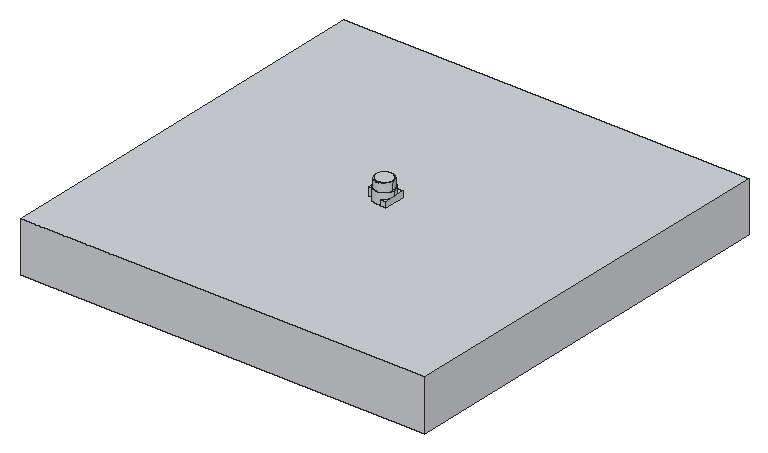
Revit family "M_Módulo de saída endereçável", category Dispositivos de alarme de incêndio, Revit 2019
Family settings
  Hospedeiro = Face
  Manter orientação da anotação = Sim
  Cota do conector redondo = Utilizar diâmetro
  Tipo de parte = Normal
  Número OmniClass = 23.85.30.21.11.17
  Título OmniClass = Other Components
  ID de item do Seek = Addressable Output Module-0000-CAN-ENU
  Corte com vazios quando carregada = Não
  Compartilhado = Não
  Ponto de cálculo do ambiente = Não
Parameters (values of type "Padrão")
  Material do módulo = none
  Legenda = "AOM"
  Elevação-padrão = 1200 mm
Reference planes
  plane 1 "Centro (Frente/Trás)": y = 0
  plane 2: z = 0
  plane 3 "Centro (Esquerda/Direita)": x = 0
  plane 4: z = 115.062
  plane 5: z = 64.262
  plane 6: z = 47.329
  plane 7: x = 61.214
  plane 8: x = -71.628
  plane 9: y = 63.5
  plane 10: y = -63.5
Forms (mm)
  Extrusion 1, solid
    sketch origin (0, 0, 0) x (1, 0, 0) y (0, 1, 0)
      loop
        line (-1219.2, 1219.2) -> (-1219.2, -1219.2) -> (1219.2, -1219.2) -> (1219.2, 1219.2) -> (-1219.2, 1219.2)
    from 0 to -304.8
  Extrusion 2, solid, material <- "Material do módulo"
    sketch origin (0, 0, 0) x (1, 0, 0) y (0, 1, 0)
      loop
        circle (0, 0) r 53.34
    from 64.262 to 111.501
  Extrusion 3, solid, material <- "Material do módulo"
    sketch origin (0, 0, 0) x (1, 0, 0) y (0, 1, 0)
      loop
        circle (0, 0) r 61.214
    from 0 to 64.262
  Extrusion 4, solid, material <- "Material do módulo"
    sketch origin (0, 0, 0) x (1, 0, 0) y (0, 1, 0)
      loop
        line (61.214, 63.5) -> (29.288, 63.5) -> (29.288, -63.5) -> (61.214, -63.5) -> (61.214, 63.5)
    from 0 to 33.867
  Extrusion 5, solid, material <- "Material do módulo"
    sketch origin (0, 0, 0) x (1, 0, 0) y (0, 1, 0)
      loop
        line (-71.628, 25.4) -> (-71.628, -25.4) -> (-46.228, -25.4) -> (-46.228, 25.4) -> (-71.628, 25.4)
    from 0 to 47.329
  Blend 6, solid, material <- "Material do módulo"
    base sketch origin (0, 0, 0) x (1, 0, 0) y (0, 1, 0)
      loop
        circle (0, 0) r 53.34
    top sketch origin (0, 0, 0) x (1, 0, 0) y (0, 1, 0)
      loop
        circle (0, 0) r 50.8
    from 111.501 to 115.062
Cuts and joins
  joined: Extrusion 2, Extrusion 3, Extrusion 4, Extrusion 5
Lines and regions (mm)
  symbolic lines, detail levels fine
    curve 1: line (50.8, 0, 115.062) -> (-50.8, 0, 115.062)
    curve 2: line (53.34, 0, 111.501) -> (-53.34, 0, 111.501)
    curve 3: line (61.214, 0, 64.262) -> (-61.214, 0, 64.262)
    curve 4: line (-55.696, 0, 47.329) -> (-55.696, 0, 0)
    curve 5: line (-55.696, 0, 47.329) -> (-71.628, 0, 47.329)
    curve 6: line (-71.628, 0, 47.329) -> (-71.628, 0, 0)
    curve 7: line (-71.628, 0, 0) -> (61.214, 0, 0)
    curve 8: line (29.288, 0, 33.867) -> (29.288, 0, 0)
    curve 9: line (61.214, 0, 0) -> (61.214, 0, 33.867)
    curve 10: line (61.214, 0, 33.867) -> (29.288, 0, 33.867)
    curve 11: line (-61.214, 0, 64.262) -> (-61.214, 0, 47.329)
    curve 12: line (61.214, 0, 64.262) -> (61.214, 0, 33.867)
    curve 13: line (50.8, 0, 115.062) -> (53.34, 0, 111.501)
    curve 14: line (-50.8, 0, 115.062) -> (-53.34, 0, 111.501)
    curve 15: line (-53.34, 0, 111.501) -> (-53.34, 0, 64.262)
    curve 16: line (53.34, 0, 111.501) -> (53.34, 0, 64.262)
Dimensions and locks
  locked: plane 4 to plane 2 at 115.062
  locked: plane 4 to plane 5 at 50.8
  locked: plane 5 to plane 6 at 16.933
  locked: plane 3 "Centro (Esquerda/Direita)" to plane 7 at 61.214
  locked: plane 8 to plane 7 at 132.842
  equal spacing: plane 10, plane 1 "Centro (Frente/Trás)", plane 9
  locked: Extrusion 4 sketch curve to plane 7 at 31.926
  equal spacing: Extrusion 5 sketch curve, plane 1 "Centro (Frente/Trás)", Extrusion 5 sketch curve
  locked: plane 8 to Extrusion 5 sketch curve at 25.4
  locked: Blend 6 to plane 4 at 3.561
  radius of Extrusion 2 sketch curve = 53.34 mm
  radius of Extrusion 3 sketch curve = 61.214 mm
  radius of Blend 6 sketch curve = 50.8 mm
  aligned and locked: plane 2 to Extrusion 1
  aligned and locked: level to Extrusion 1
  aligned and locked: Extrusion 2 to plane 5
  aligned: plane 4 to Extrusion 2
  aligned and locked: plane 3 "Centro (Esquerda/Direita)" to Extrusion 3 sketch curve
  aligned and locked: plane 1 "Centro (Frente/Trás)" to Extrusion 3 sketch curve
  aligned and locked: plane 5 to Extrusion 3
  aligned: Extrusion 3 to plane 6
  aligned and locked: plane 7 to Extrusion 4 sketch curve
  aligned and locked: Extrusion 4 sketch curve to plane 9
  aligned and locked: plane 10 to Extrusion 4 sketch curve
  aligned and locked: Extrusion 4 to plane 2
  aligned and locked: plane 8 to Extrusion 5 sketch curve
  aligned and locked: plane 6 to Extrusion 5
  aligned and locked: Extrusion 5 to plane 2
  aligned and locked: Extrusion 3 to level
  aligned and locked: Blend 6 sketch curve to cut or joined group of Extrusion 2, Extrusion 3, Extrusion 4, Extrusion 5  (x2)
  aligned and locked: plane 1 "Centro (Frente/Trás)" to Blend 6 sketch curve
  aligned and locked: plane 3 "Centro (Esquerda/Direita)" to Blend 6 sketch curve
  aligned and locked: plane 4 to Blend 6
  aligned and locked: cut or joined group of Extrusion 2, Extrusion 3, Extrusion 4, Extrusion 5 to Blend 6
  aligned and locked: curve 1 to Blend 6
  aligned and locked: curve 2 to cut or joined group of Extrusion 2, Extrusion 3, Extrusion 4, Extrusion 5
  aligned and locked: curve 3 to cut or joined group of Extrusion 2, Extrusion 3, Extrusion 4, Extrusion 5
  aligned and locked: curve 4 to cut or joined group of Extrusion 2, Extrusion 3, Extrusion 4, Extrusion 5
  aligned and locked: curve 5 to cut or joined group of Extrusion 2, Extrusion 3, Extrusion 4, Extrusion 5
  aligned and locked: curve 6 to cut or joined group of Extrusion 2, Extrusion 3, Extrusion 4, Extrusion 5
  aligned and locked: curve 7 to cut or joined group of Extrusion 2, Extrusion 3, Extrusion 4, Extrusion 5
  aligned and locked: curve 8 to cut or joined group of Extrusion 2, Extrusion 3, Extrusion 4, Extrusion 5
  aligned and locked: curve 9 to cut or joined group of Extrusion 2, Extrusion 3, Extrusion 4, Extrusion 5
  aligned and locked: curve 10 to cut or joined group of Extrusion 2, Extrusion 3, Extrusion 4, Extrusion 5
  aligned and locked: curve 11 to cut or joined group of Extrusion 2, Extrusion 3, Extrusion 4, Extrusion 5
  aligned and locked: curve 12 to cut or joined group of Extrusion 2, Extrusion 3, Extrusion 4, Extrusion 5
  aligned and locked: curve 13 to Blend 6
  aligned and locked: curve 14 to Blend 6
  aligned and locked: curve 15 to cut or joined group of Extrusion 2, Extrusion 3, Extrusion 4, Extrusion 5
  aligned and locked: curve 16 to cut or joined group of Extrusion 2, Extrusion 3, Extrusion 4, Extrusion 5
  aligned and locked: plane 1 "Centro (Frente/Trás)" to nested 1
  aligned and locked: plane 3 "Centro (Esquerda/Direita)" to nested 1
Automatic sketch dimensions
  Extrusion 1 sketch curve to Extrusion 1 sketch curve = 2438.4 mm  (x2)
  plane 1 "Centro (Frente/Trás)" to Extrusion 2 sketch curve = 0 mm
  Extrusion 2 sketch curve to plane 3 "Centro (Esquerda/Direita)" = 0 mm
  plane 1 "Centro (Frente/Trás)" to Extrusion 5 sketch curve = 25.4 mm
Nested families
  nested 1: "M_Anotação de módulo endereçável" at (0, 0, 0), type "Anotação do módulo endereçável", detail levels coarse+medium
Connectors
  electrical at (45.251, 63.5, 16.933)
    settings: on cut or joined group of Extrusion 2, Extrusion 3, Extrusion 4, Extrusion 5, index 1, voltage 0 V, apparent load 0 VA, apparent load phase1 0 VA, apparent load phase2 0 VA, apparent load phase3 0 VA, power factor 1, load classification "Outros", number of poles 1, system type 11, power factor state 1, is connector primary yes, connector utility no, sub classification motor no, connector description ""
Definition of nested family "M_Anotação de módulo endereçável"
  Parameters
    Anotação de legenda = "AOM"
  Reference planes
    plane 1: y = 0
    plane 2: x = 0
  Lines and regions (mm)
    reference lines
      curve 1: line (-9.781, 1.588, 0) -> (13.281, 1.588, 0)
    detail lines
      curve 2: circle (0, 1.588, 0) r 1.588 normal (0, 0, 1)
  Text (mm)
    label "AOM" at (1.309, -0.069, 0), shows "Anotação de legenda"
  Dimensions and locks
    locked: plane 1 to curve 1 at 1.588
    radius of curve 2 = 1.588 mm
    aligned and locked: curve 1 to curve 2
    aligned and locked: plane 2 to curve 2
